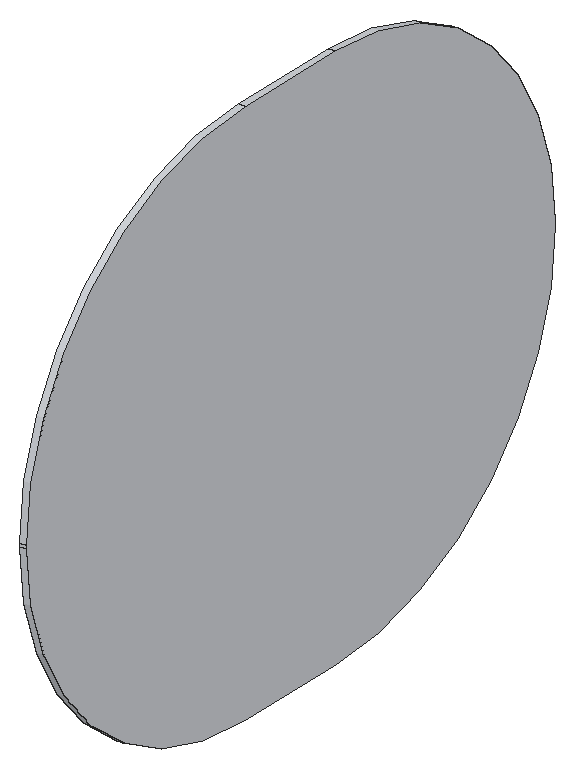
Revit family "02f290d423914fe6b1f35f691ca3f2ca", category Duct Fittings, Revit 2021
Family settings
  Round Connector Dimension = Use Diameter
  Part Type = Union
  OmniClass Number = 23.75.70.14
  OmniClass Title = Air Ductwork
  Seek Item ID = Oval Union-0000-USA-ENU
  Work Plane-Based = No
  Always vertical = Yes
  Cut with Voids When Loaded = No
  Shared = No
Parameters (values of type "Standard")
  Duct Width [instance] = 24"
  Duct Length [instance] = if(Duct Height > 1' 11", 0' 0 5/8", 0' 0 1/4")  # 1/4"
  Duct Height [instance] = 20"
  Default Elevation = 0' - 0"
Reference planes (in)
  plane 1 "Center (Front/Back)": y = 0
  plane 2: z = 0
  plane 3 "Center (Left/Right)": x = 0
  plane 4: x = 0.25
Forms (in)
  Sweep 1, solid, detail levels medium+fine
    path in 3D
      loop
        line (0, 0, 0) -> (0.25, 0, 0)
    profile "Duct - Oval : Duct - Oval" origin (0.125, 0, 0) x (0, 1, 0) y (0, 0, 1)
      loop
        line (-12, 0.0625) -> (-12, -0.0625)
        arc (-12, -0.0625) -> (-9.08937, -7.08937) -> (-2.0625, -10) r 9.9375
        line (-2.0625, -10) -> (2.0625, -10)
        arc (2.0625, -10) -> (9.08937, -7.08937) -> (12, -0.0625) r 9.9375
        line (12, -0.0625) -> (12, 0.0625)
        arc (12, 0.0625) -> (9.08937, 7.08937) -> (2.0625, 10) r 9.9375
        line (2.0625, 10) -> (-2.0625, 10)
        arc (-2.0625, 10) -> (-9.08937, 7.08937) -> (-12, 0.0625) r 9.9375
Lines and regions (in)
  model lines, detail levels coarse
    curve 1: line (0, 0, 0) -> (0.25, 0, 0)
  sketch lines
    curve 2: line (0, 0, 0) -> (0.25, 0, 0)
Dimensions and locks (in)
  "Duct Length": plane 3 "Center (Left/Right)" to plane 4
  aligned and locked: plane 1 "Center (Front/Back)" to curve 1
  aligned and locked: plane 3 "Center (Left/Right)" to curve 1
Automatic sketch dimensions
  curve 1 to plane 4 = 0' - 0"
Connectors (in)
  hvac at (0, 0, 0), driven by "Duct Height", driven by "Duct Width"
    settings: on Sweep 1, index 1, duct flow 0 CFM, flow factor 0, pres drop 0.00 in-wg, loss coef 0, conn angle 0.00°, conn width 24", conn height 20", conn diameter 24", duct sys type 28, conn prof type 2, flow config 0, flow direction 0, loss method 0, conn ref index 2, conn util no, is conn primary yes, conn desc ""
  hvac at (0.25, 0, 0), driven by "Duct Height", driven by "Duct Width"
    settings: on Sweep 1, index 2, duct flow 0 CFM, flow factor 0, pres drop 0.00 in-wg, loss coef 0, conn angle 0.00°, conn width 24", conn height 20", conn diameter 24", duct sys type 28, conn prof type 2, flow config 0, flow direction 0, loss method 0, conn ref index 1, conn util no, is conn primary no, conn desc ""
